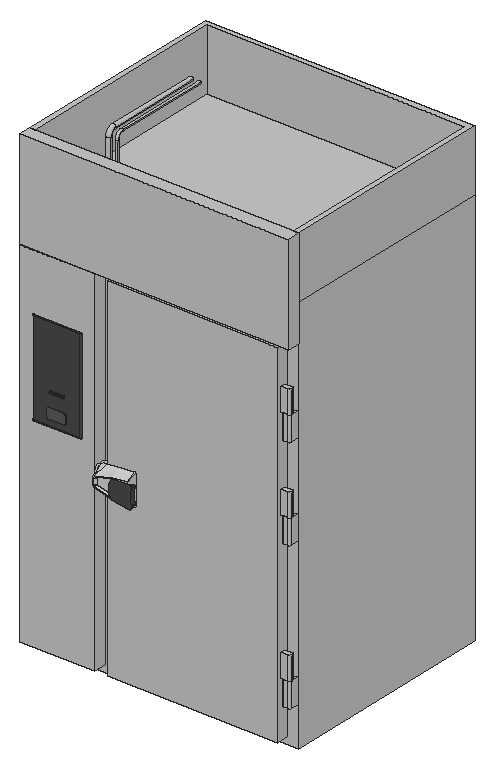
Revit family "QF_ALPENINOX_729260_ABFA22RDE", category Specialty Equipment, Revit 2018
Family settings
  Round Connector Dimension = Use Radius
  Part Type = Normal
  Work Plane-Based = No
  Always vertical = Yes
  Cut with Voids When Loaded = No
  Shared = Yes
  Room Calculation Point = No
Parameters (values of type "QF_ALPENINOX_729260_ABFA22RDE.rfa")
  Weight = 438.00 kg
  Watts = 209.032 W
  Volts = 380 V
  URL Manufacturer = "http://www.alpeninox.com"
  URL = "http://www.alpeninox.com"
  Steam Supply Size = 0"
  Steam Supply Minimum Pressure = 0.00 psi
  Steam Supply Maximum Pressure = 0.00 psi
  Steam Pounds per Hour = 0
  Show Logo [instance] = yes
  Refrigeration Suction Line Size = 0.03937"
  Refrigeration Liquid Line Size = 0.07218"
  Refrigerant Compressor Remote = yes
  Phase = 3
  Model = "ABFA22RDE"
  Manufacturer = "Alpeninox"
  Length Actual = 1400 mm  # constant formula
  Item Number = "729260"
  Hot Water Size = 0"
  Height Actual = 2400 mm  # constant formula
  HP = "3 HP"
  Gas Size = 0"
  Gas KW = 0
  Gas Input Pressure = 0.0 Btu/h
  Description = "CRIO CHILL BLAST CHILLER FREEZER 200/170KG 20 GN 2/1 - DISASSEMBLED - REMOTE REFRIGERATING UNIT"
  Depth Actual = 1266 mm  # constant formula
  Cycle = 60 Hz
  Condensate Return Size = 0"
  Compressed Air Volume = 0 GPM
  Compressed Air Size = 0"
  Compressed Air Pressure = 0.00 psi
  Cold Water Size = 0"
  Assembly Code = ""
  Show Clearance [instance] = yes
  Accessory = yes
Values of the unnamed type that differ from the named types
  Watts = 0 W
  Volts = 0 V
  URL Manufacturer = ""
  Item Number = ""
  HP = ""
  Cycle = 0 Hz
Reference planes
  plane 1 "BACK": y = 1
  plane 2: z = 0
  plane 3 "LEFT": x = 0
  plane 4 "RIGHT": x = 1400
  plane 5 "FRONT": y = -1205
  plane 6 "TOP": z = 2400
  plane 7 "Center Y": x = 700
  plane 8: y = -2155
  plane 9: y = -602
Forms (mm)
  Extrusion 1, solid, material "QF_Clearance", visible <- "Show Clearance", detail levels coarse
    sketch origin (0, 0, -70) x (1, 0, 0) y (0, 1, 0)
      loop
        line (0, -1205) -> (0, 1) -> (1400, 1) -> (1400, -1205) -> (1500, -1205) -> (1500, 101) -> (-100, 101) -> (-100, -1205) -> (0, -1205)
    from 70 to 2670
  Extrusion 2, solid, material "QF_Finishes_Stainless Steel"
    sketch origin (349.253, 33, 630.991) x (-1, 0, 0) y (0, -1, 0)
      loop
        line (349.253, 1172.759) -> (349.253, 1238) -> (-39.747, 1238) -> (-39.747, 1172.759) -> (349.253, 1172.759)
    from -597 to 1254
  Extrusion 3, solid, material "QF_Finishes_Stainless Steel"
    sketch origin (596.16, 27.971, -70) x (1, 0, 0) y (0, 1, 0)
      loop
        line (743.84, -1172.971) -> (-141.16, -1172.971) -> (-141.16, -1232.971) -> (743.84, -1232.971) -> (743.84, -1172.971)
    from 103.991 to 1945.25
  Extrusion 4, solid, material "QF_Door-Drawer Clearances", visible <- "Show Clearance", detail levels coarse
    sketch origin (875, -72.029, -91.802) x (-1, 0, 0) y (0, -1, 0)
      loop
        line (-465, 2025.971) -> (-465, 1132.971) -> (420, 1132.971)
        arc (420, 1132.971) -> (153.836, 1754.227) -> (-465, 2025.971) r 920
    from 125.793 to 1967.052
  Extrusion 5, solid, material "QF_Finishes_Stainless Steel"
    sketch origin (0, -1139.759, 0) x (0, 1, 0) y (-1, 0, 0)
      loop
        line (1140.759, 0) -> (0.759, 0) -> (0.759, -1400) -> (1140.759, -1400) -> (1140.759, 0)
    from 0 to 2080
  Extrusion 6, solid, material "QF_Finishes_Stainless Steel"
    sketch origin (0, 0, -70) x (0, 1, 0) y (0, 0, 1)
      loop
        line (-1139, 2470) -> (-1205, 2470) -> (-1205, 1956) -> (-1139, 1956) -> (-1139, 2470)
    from 0 to 1400
  Extrusion 7, solid, material "QF_Finishes_Stainless Steel"
    sketch origin (0, -1139.759, 2080) x (0, 1, 0) y (-1, 0, 0)
      loop
        line (1140.759, 0) -> (0.759, 0) -> (0.759, -27.807) -> (1112.952, -27.807) -> (1112.952, -1372.193) -> (0.759, -1372.193) -> (0.759, -1400) -> (1140.759, -1400) -> (1140.759, 0)
    from 0 to 320
  Extrusion 8, solid, material "QF_Clearance", visible <- "Show Clearance", detail levels coarse
    sketch origin (0, 0, 2400) x (-1, 0, 0) y (0, -1, 0)
      loop
        line (0, 1205) -> (-1400, 1205) -> (-1400, -1) -> (0, -1) -> (0, 1205)
    from 0 to 200
  Extrusion 9, solid, material "QF_Finishes_Stainless Steel"
    sketch origin (-390.239, -0.977, 1172.559) x (1, 0, 0) y (0, 1, 0)
      loop
        line (1730.239, -1159.557) -> (1730.239, -1186.759) -> (1771.078, -1186.759)
        arc (1771.078, -1186.759) -> (1778.149, -1183.83) -> (1781.078, -1176.759) r 10
        line (1781.078, -1176.759) -> (1781.078, -1169.557)
        arc (1781.078, -1169.557) -> (1778.149, -1162.486) -> (1771.078, -1159.557) r 10
        line (1771.078, -1159.557) -> (1730.239, -1159.557)
    from 398 to 516
  Extrusion 10, solid, material "QF_Finishes_Stainless Steel"
    sketch origin (-388.989, -0.977, 1172.559) x (1, 0, 0) y (0, 1, 0)
      loop
        line (1779.828, -1138.023) -> (1738.215, -1138.023) -> (1738.215, -1176.759)
        arc (1738.215, -1176.759) -> (1741.143, -1183.83) -> (1748.215, -1186.759) r 10
        line (1748.215, -1186.759) -> (1769.828, -1186.759)
        arc (1769.828, -1186.759) -> (1776.899, -1183.83) -> (1779.828, -1176.759) r 10
        line (1779.828, -1176.759) -> (1779.828, -1138.023)
    from 269 to 396
  Extrusion 11, solid, material "QF_Finishes_Handrails and Railings"
    sketch origin (0, -1205, -139.705) x (-1, 0, 0) y (0, 0, 1)
      loop
        arc (-455, 1022.346) -> (-433.392, 1027.289) -> (-413, 1035.976) r 124.815
        arc (-413, 1035.976) -> (-402.037, 1046.425) -> (-398, 1061.023) r 28.412
        line (-398, 1061.023) -> (-398, 1124.287)
        arc (-398, 1124.287) -> (-402.037, 1138.885) -> (-413, 1149.334) r 28.412
        arc (-413, 1149.334) -> (-433.392, 1158.021) -> (-455, 1162.964) r 124.815
        line (-455, 1162.964) -> (-455, 1022.346)
    from 0 to 25
  Extrusion 12, solid, material "QF_Finishes_Stainless Steel"
    sketch origin (0, 1, -70) x (1, 0, 0) y (0, 0, 1)
      loop
        circle (50.191, 2279.706) r 10
    from -2 to 0
  Extrusion 13, solid
    sketch origin (0, 0, -70) x (1, 0, 0) y (0, 1, 0)
      loop
        circle (271, -895) r 12.7
    from 180 to 190
  Sweep 14, solid, material "QF_Finishes_Stainless Steel"
    path in 3D
      loop
        line (196, -872.727, 2090) -> (196, -872.727, 2314.785)
        arc (196, -872.727, 2314.785) -> (196, -863.94, 2335.999) -> (196, -842.727, 2344.785) r 30
        line (196, -842.727, 2344.785) -> (196, -337, 2344.785)
    profile origin (196, -589.864, 2344.785) x (-1, 0, 0) y (0, 0, 1)
      loop
        circle (0, -0.785) r 11
  Sweep 15, solid, material "QF_Finishes_Stainless Steel"
    path in 3D
      loop
        line (239, -337, 2344) -> (239, -842.727, 2344)
        arc (239, -842.727, 2344) -> (239, -863.94, 2335.213) -> (239, -872.727, 2314) r 30
        line (239, -872.727, 2314) -> (239, -872.727, 2090)
    profile origin (239, -589.864, 2344) x (1, 0, 0) y (0, 0, 1)
      loop
        circle (0, 0) r 6
  Extrusion 16, solid, material "QF_Finishes_Stainless Steel"
    sketch origin (0, -1139.759, 2080) x (0, 1, 0) y (-1, 0, 0)
      loop
        line (272.791, -163.68) -> (262.791, -163.68)
        arc (262.791, -163.68) -> (252.185, -168.074) -> (247.791, -178.68) r 15
        line (247.791, -178.68) -> (247.791, -270.358)
        arc (247.791, -270.358) -> (252.185, -280.965) -> (262.791, -285.358) r 15
        line (262.791, -285.358) -> (272.791, -285.358)
        arc (272.791, -285.358) -> (283.398, -280.965) -> (287.791, -270.358) r 15
        line (287.791, -270.358) -> (287.791, -178.68)
        arc (287.791, -178.68) -> (283.398, -168.074) -> (272.791, -163.68) r 15
    from 0 to 10
  Blend 17, solid, material "QF_Finishes_Handrails and Railings"
    base sketch origin (0, -1205, -139.705) x (1, 0, 0) y (0, 0, 1)
      loop
        arc (455, 1162.964) -> (433.392, 1158.021) -> (413, 1149.334) r 124.815
        arc (413, 1149.334) -> (402.037, 1138.885) -> (398, 1124.287) r 28.412
        line (398, 1124.287) -> (398, 1061.023)
        arc (398, 1061.023) -> (402.037, 1046.425) -> (413, 1035.976) r 28.412
        arc (413, 1035.976) -> (433.392, 1027.289) -> (455, 1022.346) r 124.815
        arc (455, 1022.346) -> (524.77, 1014.896) -> (594.859, 1011.587) r 1185.63
        arc (594.859, 1011.587) -> (600.607, 1013.879) -> (603, 1019.586) r 8
        line (603, 1019.586) -> (603, 1165.724)
        arc (603, 1165.724) -> (600.607, 1171.431) -> (594.859, 1173.723) r 8
        arc (594.859, 1173.723) -> (524.77, 1170.414) -> (455, 1162.964) r 1185.63
    top sketch origin (0, -1205, -139.705) x (1, 0, 0) y (0, 0, 1)
      loop
        line (421, 1108.337) -> (421, 1076.973)
        arc (421, 1076.973) -> (423.295, 1069.915) -> (429.302, 1065.557) r 12
        arc (429.302, 1065.557) -> (515.086, 1044.22) -> (603, 1034.974) r 636.459
        line (603, 1034.974) -> (603, 1150.336)
        arc (603, 1150.336) -> (515.086, 1141.09) -> (429.302, 1119.753) r 636.459
        arc (429.302, 1119.753) -> (423.295, 1115.395) -> (421, 1108.337) r 12
    from 0 to 50
  Blend 18, void
    base sketch origin (0, -1255, -139.705) x (-1, 0, 0) y (0, 0, 1)
      loop
        arc (-430.843, 1114.996) -> (-515.866, 1136.151) -> (-603, 1145.333) r 631.459
        line (-603, 1145.333) -> (-603, 1039.977)
        arc (-603, 1039.977) -> (-515.866, 1049.159) -> (-430.843, 1070.314) r 631.459
        arc (-430.843, 1070.314) -> (-427.339, 1072.856) -> (-426, 1076.973) r 7
        line (-426, 1076.973) -> (-426, 1108.337)
        arc (-426, 1108.337) -> (-427.339, 1112.454) -> (-430.843, 1114.996) r 7
    top sketch origin (0, -1255, -139.705) x (-1, 0, 0) y (0, 0, 1)
      loop
        arc (-432.384, 1110.24) -> (-516.647, 1131.211) -> (-603, 1140.33) r 626.459
        line (-603, 1140.33) -> (-603, 1044.98)
        arc (-603, 1044.98) -> (-516.647, 1054.099) -> (-432.384, 1075.07) r 626.459
        arc (-432.384, 1075.07) -> (-431.382, 1075.797) -> (-431, 1076.973) r 2
        line (-431, 1076.973) -> (-431, 1108.337)
        arc (-431, 1108.337) -> (-431.382, 1109.513) -> (-432.384, 1110.24) r 2
    from 0 to 10
  Blend 19, solid, material "QF_Finishes_Black"
    base sketch origin (0, -1245, -139.705) x (1, 0, 0) y (0, 0, 1)
      loop
        arc (628.567, 1043.419) -> (622.014, 1092.655) -> (628.567, 1141.89) r 188.232
        arc (628.567, 1141.89) -> (627.358, 1147.991) -> (621.77, 1150.721) r 7
        arc (621.77, 1150.721) -> (572.304, 1148.509) -> (523.16, 1142.458) r 636.459
        arc (523.16, 1142.458) -> (507.711, 1092.655) -> (523.16, 1042.852) r 88
        arc (523.16, 1042.852) -> (572.304, 1036.801) -> (621.77, 1034.589) r 636.459
        arc (621.77, 1034.589) -> (627.358, 1037.319) -> (628.567, 1043.419) r 7
    top sketch origin (0, -1245, -139.705) x (1, 0, 0) y (0, 0, 1)
      loop
        arc (626.748, 1050.703) -> (622.014, 1092.655) -> (626.748, 1134.607) r 188.232
        arc (626.748, 1134.607) -> (625.775, 1138.85) -> (621.845, 1140.722) r 5
        arc (621.845, 1140.722) -> (569.023, 1138.185) -> (516.603, 1131.203) r 626.459
        arc (516.603, 1131.203) -> (507.711, 1092.655) -> (516.603, 1054.107) r 88
        arc (516.603, 1054.107) -> (569.023, 1047.124) -> (621.845, 1044.588) r 626.459
        arc (621.845, 1044.588) -> (625.775, 1046.46) -> (626.748, 1050.703) r 5
    from 20 to 0
  Extrusion 20, solid, material "QF_Finishes_Stainless Steel"
    sketch origin (-390.239, -0.977, 692.559) x (1, 0, 0) y (0, 1, 0)
      loop
        line (1730.239, -1159.557) -> (1730.239, -1186.759) -> (1771.078, -1186.759)
        arc (1771.078, -1186.759) -> (1778.149, -1183.83) -> (1781.078, -1176.759) r 10
        line (1781.078, -1176.759) -> (1781.078, -1169.557)
        arc (1781.078, -1169.557) -> (1778.149, -1162.486) -> (1771.078, -1159.557) r 10
        line (1771.078, -1159.557) -> (1730.239, -1159.557)
    from 398 to 516
  Extrusion 21, solid, material "QF_Finishes_Stainless Steel"
    sketch origin (-388.989, -0.977, 692.559) x (1, 0, 0) y (0, 1, 0)
      loop
        line (1779.828, -1138.023) -> (1738.215, -1138.023) -> (1738.215, -1176.759)
        arc (1738.215, -1176.759) -> (1741.143, -1183.83) -> (1748.215, -1186.759) r 10
        line (1748.215, -1186.759) -> (1769.828, -1186.759)
        arc (1769.828, -1186.759) -> (1776.899, -1183.83) -> (1779.828, -1176.759) r 10
        line (1779.828, -1176.759) -> (1779.828, -1138.023)
    from 269 to 396
  Extrusion 22, solid, material "QF_Finishes_Stainless Steel"
    sketch origin (-390.239, -0.977, -67.441) x (1, 0, 0) y (0, 1, 0)
      loop
        line (1730.239, -1159.557) -> (1730.239, -1186.759) -> (1771.078, -1186.759)
        arc (1771.078, -1186.759) -> (1778.149, -1183.83) -> (1781.078, -1176.759) r 10
        line (1781.078, -1176.759) -> (1781.078, -1169.557)
        arc (1781.078, -1169.557) -> (1778.149, -1162.486) -> (1771.078, -1159.557) r 10
        line (1771.078, -1159.557) -> (1730.239, -1159.557)
    from 398 to 516
  Extrusion 23, solid, material "QF_Finishes_Stainless Steel"
    sketch origin (-388.989, -0.977, -67.441) x (1, 0, 0) y (0, 1, 0)
      loop
        line (1779.828, -1138.023) -> (1738.215, -1138.023) -> (1738.215, -1176.759)
        arc (1738.215, -1176.759) -> (1741.143, -1183.83) -> (1748.215, -1186.759) r 10
        line (1748.215, -1186.759) -> (1769.828, -1186.759)
        arc (1769.828, -1186.759) -> (1776.899, -1183.83) -> (1779.828, -1176.759) r 10
        line (1779.828, -1176.759) -> (1779.828, -1138.023)
    from 269 to 396
  Extrusion 24, solid, material "QF_Door-Drawer Clearances", visible <- "Show Clearance", detail levels coarse
    sketch origin (167.029, -1956.84, -70) x (0, 1, 0) y (-1, 0, 0)
      loop
        line (751.84, -1172.971) -> (-141.16, -1172.971) -> (-141.16, -1232.971) -> (751.84, -1232.971) -> (751.84, -1172.971)
    from 103.991 to 1945.25
  Extrusion 25, solid, material "QF_Door-Drawer Clearances", visible <- "Show Clearance", detail levels coarse
    sketch origin (1400, -2553, -139.705) x (0, -1, 0) y (0, 0, 1)
      loop
        arc (-455, 1022.346) -> (-433.392, 1027.289) -> (-413, 1035.976) r 124.815
        arc (-413, 1035.976) -> (-402.037, 1046.425) -> (-398, 1061.023) r 28.412
        line (-398, 1061.023) -> (-398, 1124.287)
        arc (-398, 1124.287) -> (-402.037, 1138.885) -> (-413, 1149.334) r 28.412
        arc (-413, 1149.334) -> (-433.392, 1158.021) -> (-455, 1162.964) r 124.815
        line (-455, 1162.964) -> (-455, 1022.346)
    from 0 to 25
  Blend 26, solid, material "QF_Door-Drawer Clearances", visible <- "Show Clearance", detail levels coarse
    base sketch origin (1400, -2553, -139.705) x (0, 1, 0) y (0, 0, 1)
      loop
        arc (455, 1162.964) -> (433.392, 1158.021) -> (413, 1149.334) r 124.815
        arc (413, 1149.334) -> (402.037, 1138.885) -> (398, 1124.287) r 28.412
        line (398, 1124.287) -> (398, 1061.023)
        arc (398, 1061.023) -> (402.037, 1046.425) -> (413, 1035.976) r 28.412
        arc (413, 1035.976) -> (433.392, 1027.289) -> (455, 1022.346) r 124.815
        arc (455, 1022.346) -> (524.77, 1014.896) -> (594.859, 1011.587) r 1185.63
        arc (594.859, 1011.587) -> (600.607, 1013.879) -> (603, 1019.586) r 8
        line (603, 1019.586) -> (603, 1165.724)
        arc (603, 1165.724) -> (600.607, 1171.431) -> (594.859, 1173.723) r 8
        arc (594.859, 1173.723) -> (524.77, 1170.414) -> (455, 1162.964) r 1185.63
    top sketch origin (1400, -2553, -139.705) x (0, 1, 0) y (0, 0, 1)
      loop
        line (421, 1108.337) -> (421, 1076.973)
        arc (421, 1076.973) -> (423.295, 1069.915) -> (429.302, 1065.557) r 12
        arc (429.302, 1065.557) -> (515.086, 1044.22) -> (603, 1034.974) r 636.459
        line (603, 1034.974) -> (603, 1150.336)
        arc (603, 1150.336) -> (515.086, 1141.09) -> (429.302, 1119.753) r 636.459
        arc (429.302, 1119.753) -> (423.295, 1115.395) -> (421, 1108.337) r 12
    from 0 to 50
  Blend 27, void
    base sketch origin (1450, -2553, -139.705) x (0, -1, 0) y (0, 0, 1)
      loop
        arc (-430.843, 1114.996) -> (-515.866, 1136.151) -> (-603, 1145.333) r 631.459
        line (-603, 1145.333) -> (-603, 1039.977)
        arc (-603, 1039.977) -> (-515.866, 1049.159) -> (-430.843, 1070.314) r 631.459
        arc (-430.843, 1070.314) -> (-427.339, 1072.856) -> (-426, 1076.973) r 7
        line (-426, 1076.973) -> (-426, 1108.337)
        arc (-426, 1108.337) -> (-427.339, 1112.454) -> (-430.843, 1114.996) r 7
    top sketch origin (1450, -2553, -139.705) x (0, -1, 0) y (0, 0, 1)
      loop
        arc (-432.384, 1110.24) -> (-516.647, 1131.211) -> (-603, 1140.33) r 626.459
        line (-603, 1140.33) -> (-603, 1044.98)
        arc (-603, 1044.98) -> (-516.647, 1054.099) -> (-432.384, 1075.07) r 626.459
        arc (-432.384, 1075.07) -> (-431.382, 1075.797) -> (-431, 1076.973) r 2
        line (-431, 1076.973) -> (-431, 1108.337)
        arc (-431, 1108.337) -> (-431.382, 1109.513) -> (-432.384, 1110.24) r 2
    from 0 to 10
  Blend 28, solid, material "QF_Door-Drawer Clearances", visible <- "Show Clearance", detail levels coarse
    base sketch origin (1440, -2553, -139.705) x (0, 1, 0) y (0, 0, 1)
      loop
        arc (628.567, 1043.419) -> (622.014, 1092.655) -> (628.567, 1141.89) r 188.232
        arc (628.567, 1141.89) -> (627.358, 1147.991) -> (621.77, 1150.721) r 7
        arc (621.77, 1150.721) -> (572.304, 1148.509) -> (523.16, 1142.458) r 636.459
        arc (523.16, 1142.458) -> (507.711, 1092.655) -> (523.16, 1042.852) r 88
        arc (523.16, 1042.852) -> (572.304, 1036.801) -> (621.77, 1034.589) r 636.459
        arc (621.77, 1034.589) -> (627.358, 1037.319) -> (628.567, 1043.419) r 7
    top sketch origin (1440, -2553, -139.705) x (0, 1, 0) y (0, 0, 1)
      loop
        arc (626.748, 1050.703) -> (622.014, 1092.655) -> (626.748, 1134.607) r 188.232
        arc (626.748, 1134.607) -> (625.775, 1138.85) -> (621.845, 1140.722) r 5
        arc (621.845, 1140.722) -> (569.023, 1138.185) -> (516.603, 1131.203) r 626.459
        arc (516.603, 1131.203) -> (507.711, 1092.655) -> (516.603, 1054.107) r 88
        arc (516.603, 1054.107) -> (569.023, 1047.124) -> (621.845, 1044.588) r 626.459
        arc (621.845, 1044.588) -> (625.775, 1046.46) -> (626.748, 1050.703) r 5
    from 20 to -1
Cuts and joins
  Blend 18 cuts Blend 17
  joined: Extrusion 11, Blend 17
  Blend 18 cuts Extrusion 4
  Blend 27 cuts Blend 26
  Blend 27 cuts Blend 28
  joined: Extrusion 4, Extrusion 24, Extrusion 25, Blend 26, Blend 28
  joined: Extrusion 7, Extrusion 12
  joined: Extrusion 5, Extrusion 10, Sweep 14, Sweep 15, Extrusion 16, Extrusion 21, Extrusion 23
  joined: Extrusion 3, Extrusion 9, Extrusion 20, Extrusion 22
  joined: Extrusion 1, Extrusion 8
Lines and regions (mm)
  symbolic lines, style "QF-Clearances", visible <- "Show Clearance", detail levels coarse
    curve 1: line (-100, -1204.241, 70) -> (-100, 101, 70)
    curve 2: line (-100, 101, 70) -> (1500, 101, 70)
    curve 3: line (1500, 101, 70) -> (1500, -1204.241, 70)
  symbolic lines
    curve 4: line (185, -336.968, 70) -> (207, -336.968, 70)
    curve 5: line (207, -336.968, 70) -> (207, -871.942, 70)
    curve 6: line (233, -872.727, 70) -> (233, -337, 70)
    curve 7: line (233, -337, 70) -> (245, -337, 70)
    curve 8: line (245, -337, 70) -> (245, -872.727, 70)
    curve 9: line (245, -851.968, 70) -> (270.358, -851.968, 70)
    curve 10: arc (285.358, -866.968, 70) -> (280.965, -856.361, 70) -> (270.358, -851.968, 70) r 15
    curve 11: line (285.358, -876.968, 70) -> (285.358, -866.968, 70)
    curve 12: arc (270.358, -891.968, 70) -> (280.965, -887.575, 70) -> (285.358, -876.968, 70) r 15
    curve 13: line (178.68, -891.968, 70) -> (270.358, -891.968, 70)
    curve 14: arc (163.68, -876.968, 70) -> (168.074, -887.575, 70) -> (178.68, -891.968, 70) r 15
    curve 15: line (163.68, -866.968, 70) -> (163.68, -876.968, 70)
    curve 16: arc (178.68, -851.968, 70) -> (168.074, -856.361, 70) -> (163.68, -866.968, 70) r 15
    curve 17: arc (207, -871.942, 70) -> (196, -882.942, 70) -> (185, -871.942, 70) r 11
    curve 18: arc (233, -872.727, 70) -> (239, -878.727, 70) -> (245, -872.727, 70) r 6
    curve 19: line (178.68, -851.968, 70) -> (185, -851.968, 70)
    curve 20: line (185, -336.968, 70) -> (185, -871.942, 70)
    curve 21: line (207, -851.968, 70) -> (233, -851.968, 70)
    curve 22: line (0, 1, 70) -> (1400, 1, 70)
    curve 23: line (0, -1205, 70) -> (0, 1, 70)
    curve 24: line (1400, -1205, 70) -> (0, -1205, 70)
    curve 25: line (1400, 1, 70) -> (1400, -1205, 70)
    curve 26: line (27.807, -26.807, 70) -> (1372.193, -26.807, 70)
    curve 27: line (27.807, -1139, 70) -> (27.807, -26.807, 70)
    curve 28: line (1400, -1139, 70) -> (0, -1139, 70)
    curve 29: line (1372.193, -26.807, 70) -> (1372.193, -1139, 70)
    curve 30: line (75.5, -1210, 70) -> (313.5, -1210, 70)
    curve 31: line (75.5, -1210, 70) -> (67.5, -1205, 70)
    curve 32: line (313.5, -1210, 70) -> (321.5, -1205, 70)
    curve 33: line (421, -1255, 70) -> (398, -1205, 70)
    curve 34: line (421, -1255, 70) -> (603, -1255, 70)
    curve 35: line (603, -1255, 70) -> (603, -1205, 70)
    curve 36: line (603, -1245, 70) -> (626.748, -1245, 70)
    curve 37: line (626.748, -1245, 70) -> (628.811, -1265, 70)
    curve 38: line (628.811, -1265, 70) -> (507.711, -1265, 70)
    curve 39: line (507.711, -1265, 70) -> (507.711, -1255, 70)
  symbolic lines, style "QF_Door-Drawer Clearances", visible <- "Show Clearance"
    curve 40: line (1450, -2132, 70) -> (1400, -2155, 70)
    curve 41: line (1450, -2132, 70) -> (1450, -1950, 70)
    curve 42: line (1450, -1950, 70) -> (1400, -1950, 70)
    curve 43: line (1439, -1950, 70) -> (1439, -1926.126, 70)
    curve 44: line (1439, -1926.126, 70) -> (1460, -1924.189, 70)
    curve 45: line (1460, -1924.189, 70) -> (1460, -2045.289, 70)
    curve 46: line (1460, -2045.289, 70) -> (1450, -2045.289, 70)
    curve 47: line (1375, -2098, 70) -> (1375, -2155, 70)
    curve 48: line (1340, -2098, 70) -> (1400, -2098, 70)
    curve 49: arc (457.796, -1255, 70) -> (739.031, -1843.801, 70) -> (1340, -2098, 70) r 920
    curve 50: line (1400, -2155, 70) -> (1375, -2155, 70)
    curve 51: line (1400, -2098, 70) -> (1400, -1205, 70)
    curve 58: line (1340, -2098, 70) -> (1340, -1205, 70)
  sketch lines
    curve 52: line (196, -842.727, 2344.785) -> (196, -337, 2344.785)
    curve 53: arc (196, -872.727, 2314.785) -> (196, -863.94, 2335.999) -> (196, -842.727, 2344.785) r 30
    curve 54: line (196, -872.727, 2090) -> (196, -872.727, 2314.785)
    curve 55: line (239, -337, 2344) -> (239, -842.727, 2344)
    curve 56: arc (239, -842.727, 2344) -> (239, -863.94, 2335.213) -> (239, -872.727, 2314) r 30
    curve 57: line (239, -872.727, 2314) -> (239, -872.727, 2090)
Dimensions and locks
  plane 5 "FRONT" to plane 1 "BACK" = 1206 mm
  plane 6 "TOP" to level = 2400 mm
  plane 4 "RIGHT" to plane 3 "LEFT" = 1400 mm
  plane 3 "LEFT" to plane 4 "RIGHT" = 1400 mm
  equal spacing: plane 3 "LEFT", plane 7 "Center Y", plane 4 "RIGHT"
  plane 1 "BACK" to plane 5 "FRONT" = 1206 mm
  aligned and locked: level to plane 2
Automatic sketch dimensions
  plane 5 "FRONT" to Extrusion 1 sketch curve = 0 mm  (x2)
  Extrusion 1 sketch curve to plane 3 "LEFT" = 0 mm
  plane 1 "BACK" to Extrusion 1 sketch curve = 0 mm
  Extrusion 1 sketch curve to plane 4 "RIGHT" = 0 mm
  Extrusion 1 sketch curve to plane 3 "LEFT" = 100 mm
  plane 4 "RIGHT" to Extrusion 1 sketch curve = 100 mm
  Extrusion 1 sketch curve to plane 1 "BACK" = 100 mm
  plane 5 "FRONT" to Extrusion 2 sketch curve = 0 mm
  Extrusion 2 sketch curve to plane 3 "LEFT" = 0 mm
  Extrusion 2 sketch curve to plane 5 "FRONT" = 65.241 mm
  plane 5 "FRONT" to Extrusion 3 sketch curve = 0 mm
  Extrusion 3 sketch curve to plane 5 "FRONT" = 60 mm
  Extrusion 3 sketch curve to plane 4 "RIGHT" = 60 mm
  plane 5 "FRONT" to Extrusion 4 sketch curve = 0 mm
  Extrusion 4 sketch curve to plane 4 "RIGHT" = 25.377 mm
  Extrusion 4 sketch curve to Extrusion 4 sketch curve = 34.623 mm
  Extrusion 4 sketch curve to plane 5 "FRONT" = 26.348 mm
  Extrusion 5 sketch curve to plane 3 "LEFT" = 0 mm
  Extrusion 5 sketch curve to plane 4 "RIGHT" = 0 mm
  plane 1 "BACK" to Extrusion 5 sketch curve = 0 mm
  Extrusion 5 sketch curve to plane 5 "FRONT" = 66 mm
  Extrusion 6 sketch curve to plane 5 "FRONT" = 0 mm
  Extrusion 6 sketch curve to plane 5 "FRONT" = 66 mm
  Extrusion 6 sketch curve to plane 6 "TOP" = 514 mm
  plane 6 "TOP" to Extrusion 6 sketch curve = 0 mm
  Extrusion 5 to Extrusion 7 sketch curve = 0 mm
  Extrusion 7 sketch curve to Extrusion 5 = 0 mm  (x4)
  Extrusion 7 sketch curve to Extrusion 5 = 27.807 mm  (x3)
  Extrusion 8 sketch curve to plane 4 "RIGHT" = 0 mm
  plane 1 "BACK" to Extrusion 8 sketch curve = 0 mm
  Extrusion 8 sketch curve to plane 3 "LEFT" = 0 mm
  plane 5 "FRONT" to Extrusion 8 sketch curve = 0 mm
  Extrusion 9 sketch curve to plane 5 "FRONT" = 17.264 mm
  Extrusion 9 sketch curve to plane 4 "RIGHT" = 60 mm
  Extrusion 9 sketch curve to plane 4 "RIGHT" = 19.161 mm
  Extrusion 9 sketch curve to Extrusion 9 sketch curve = 0 mm
  Extrusion 9 sketch curve to plane 4 "RIGHT" = 9.161 mm
  Extrusion 9 sketch curve to Extrusion 9 sketch curve = 7.202 mm
  Extrusion 10 sketch curve to plane 5 "FRONT" = 27.264 mm
  Extrusion 10 sketch curve to plane 4 "RIGHT" = 50.775 mm
  Extrusion 10 sketch curve to Extrusion 10 sketch curve = 10 mm
  Extrusion 10 sketch curve to plane 4 "RIGHT" = 19.161 mm
  Extrusion 10 sketch curve to plane 4 "RIGHT" = 9.161 mm
  Extrusion 10 sketch curve to Extrusion 10 sketch curve = 38.736 mm
  plane 7 "Center Y" to Extrusion 11 sketch curve = 228.081 mm
  Extrusion 11 sketch curve to Extrusion 11 sketch curve = 0 mm
  Extrusion 11 sketch curve to Extrusion 11 sketch curve = 16.919 mm
  Extrusion 11 sketch curve to Extrusion 11 sketch curve = 28.588 mm  (x2)
  Extrusion 11 sketch curve to Extrusion 11 sketch curve = 28.412 mm
  level to Extrusion 11 sketch curve = 882.641 mm
  Extrusion 11 sketch curve to Extrusion 11 sketch curve = 16.954 mm  (x2)
  Extrusion 11 sketch curve to Extrusion 11 sketch curve = 38.676 mm
  Extrusion 11 sketch curve to Extrusion 11 sketch curve = 63.265 mm
  Extrusion 11 sketch curve to Extrusion 11 sketch curve = 21.722 mm
  plane 3 "LEFT" to Extrusion 12 sketch curve = 50.191 mm
  Extrusion 12 sketch curve to plane 6 "TOP" = 190.294 mm
  Extrusion 13 sketch curve to plane 9 = 293 mm
  Sweep 14 sketch curve to profile plane = 0 mm
  Sweep 14 sketch curve to profile plane = 0.785 mm
  profile plane to Sweep 15 sketch curve = 0 mm
  Sweep 15 sketch curve to profile plane = 0 mm
  Extrusion 16 sketch curve to Extrusion 5 = 247.032 mm
  Extrusion 16 sketch curve to Extrusion 16 sketch curve = 15 mm  (x3)
  Extrusion 16 sketch curve to Extrusion 16 sketch curve = 10 mm  (x2)
  Extrusion 16 sketch curve to Extrusion 5 = 285.358 mm
  Extrusion 16 sketch curve to Extrusion 16 sketch curve = 91.678 mm
  Blend 17 sketch curve to Extrusion 11 = 0 mm  (x4)
  Blend 17 sketch curve to Extrusion 11 = 28.412 mm
  Blend 17 sketch curve to Blend 17 sketch curve = 123.081 mm  (x2)
  Blend 17 sketch curve to Blend 17 sketch curve = 8 mm
  Extrusion 11 to Blend 17 sketch curve = 160.712 mm  (x2)
  Blend 17 sketch curve to Blend 17 sketch curve = 19.715 mm  (x2)
  Blend 17 sketch curve to Blend 17 sketch curve = 38.676 mm
  Blend 17 sketch curve to Extrusion 11 = 23 mm
  Blend 17 sketch curve to Blend 17 sketch curve = 12 mm  (x2)
  Extrusion 11 to Blend 17 sketch curve = 148 mm
  Extrusion 11 to Blend 17 sketch curve = 170.45 mm  (x2)
  Blend 17 sketch curve to Blend 17 sketch curve = 520.701 mm  (x2)
  Blend 17 sketch curve to Blend 17 sketch curve = 41.999 mm
  Blend 17 sketch curve to Blend 17 sketch curve = 31.364 mm
  Blend 17 sketch curve to Blend 17 sketch curve = 115.362 mm
  Blend 17 to Blend 18 sketch curve = 0 mm  (x2)
  Blend 18 sketch curve to Blend 18 sketch curve = 7 mm
  Blend 18 sketch curve to Blend 18 sketch curve = 31.364 mm  (x2)
  Blend 18 sketch curve to Blend 18 sketch curve = 2 mm
  Blend 18 to Blend 19 sketch curve = 18.811 mm  (x2)
  Blend 19 sketch curve to Blend 18 = 7.289 mm  (x2)
  Blend 19 sketch curve to Blend 19 sketch curve = 188.435 mm
  Blend 19 sketch curve to Blend 19 sketch curve = 7 mm  (x2)
  Blend 19 sketch curve to Blend 19 sketch curve = 51.066 mm  (x2)
  Blend 19 sketch curve to Blend 19 sketch curve = 0 mm  (x6)
  Blend 19 sketch curve to Blend 18 = 79.84 mm
  Blend 18 to Blend 19 sketch curve = 18.874 mm  (x2)
  Blend 19 sketch curve to Blend 19 sketch curve = 188.371 mm
  Blend 19 sketch curve to Blend 19 sketch curve = 5 mm  (x2)
  Blend 19 sketch curve to Blend 19 sketch curve = 43.067 mm  (x2)
  Blend 19 sketch curve to Blend 18 = 85.603 mm
  Extrusion 20 sketch curve to plane 5 "FRONT" = 17.264 mm
  Extrusion 20 sketch curve to plane 4 "RIGHT" = 60 mm
  Extrusion 20 sketch curve to plane 4 "RIGHT" = 19.161 mm
  Extrusion 20 sketch curve to Extrusion 20 sketch curve = 0 mm
  Extrusion 20 sketch curve to plane 4 "RIGHT" = 9.161 mm
  Extrusion 20 sketch curve to Extrusion 20 sketch curve = 7.202 mm
  Extrusion 21 sketch curve to plane 5 "FRONT" = 27.264 mm
  Extrusion 21 sketch curve to plane 4 "RIGHT" = 50.775 mm
  Extrusion 21 sketch curve to Extrusion 21 sketch curve = 10 mm
  Extrusion 21 sketch curve to plane 4 "RIGHT" = 19.161 mm
  Extrusion 21 sketch curve to plane 4 "RIGHT" = 9.161 mm
  Extrusion 21 sketch curve to Extrusion 21 sketch curve = 38.736 mm
  Extrusion 22 sketch curve to plane 5 "FRONT" = 17.264 mm
  Extrusion 22 sketch curve to plane 4 "RIGHT" = 60 mm
  Extrusion 22 sketch curve to plane 4 "RIGHT" = 19.161 mm
  Extrusion 22 sketch curve to Extrusion 22 sketch curve = 0 mm
  Extrusion 22 sketch curve to plane 4 "RIGHT" = 9.161 mm
  Extrusion 22 sketch curve to Extrusion 22 sketch curve = 7.202 mm
  Extrusion 23 sketch curve to plane 5 "FRONT" = 27.264 mm
  Extrusion 23 sketch curve to plane 4 "RIGHT" = 50.775 mm
  Extrusion 23 sketch curve to Extrusion 23 sketch curve = 10 mm
  Extrusion 23 sketch curve to plane 4 "RIGHT" = 19.161 mm
  Extrusion 23 sketch curve to plane 4 "RIGHT" = 9.161 mm
  Extrusion 23 sketch curve to Extrusion 23 sketch curve = 38.736 mm
  Extrusion 24 sketch curve to plane 4 "RIGHT" = 0 mm
  plane 5 "FRONT" to Extrusion 24 sketch curve = 0 mm
  Extrusion 24 sketch curve to plane 8 = 57 mm
  Extrusion 24 sketch curve to plane 4 "RIGHT" = 60 mm
  Extrusion 25 sketch curve to plane 8 = 0 mm
  Extrusion 25 sketch curve to Extrusion 25 sketch curve = 28.412 mm  (x2)
  Extrusion 25 sketch curve to Extrusion 25 sketch curve = 28.588 mm
  Extrusion 25 sketch curve to Extrusion 25 sketch curve = 16.919 mm  (x2)
  level to Extrusion 25 sketch curve = 882.641 mm
  Extrusion 25 sketch curve to Extrusion 25 sketch curve = 16.954 mm  (x2)
  Extrusion 25 sketch curve to Extrusion 25 sketch curve = 38.676 mm
  Extrusion 25 sketch curve to Extrusion 25 sketch curve = 63.265 mm
  Extrusion 25 sketch curve to Extrusion 25 sketch curve = 21.722 mm
  Blend 26 sketch curve to Extrusion 25 = 0 mm  (x4)
  Blend 26 sketch curve to Extrusion 25 = 28.412 mm
  Blend 26 sketch curve to Blend 26 sketch curve = 123.081 mm  (x2)
  Blend 26 sketch curve to Blend 26 sketch curve = 8 mm
  Extrusion 25 to Blend 26 sketch curve = 160.712 mm  (x2)
  Blend 26 sketch curve to Blend 26 sketch curve = 19.715 mm  (x2)
  Blend 26 sketch curve to Blend 26 sketch curve = 38.676 mm
  Blend 26 sketch curve to Extrusion 25 = 23 mm
  Blend 26 sketch curve to Blend 26 sketch curve = 12 mm  (x2)
  Extrusion 25 to Blend 26 sketch curve = 148 mm
  Extrusion 25 to Blend 26 sketch curve = 170.45 mm  (x2)
  Blend 26 sketch curve to Blend 26 sketch curve = 520.701 mm  (x2)
  Blend 26 sketch curve to Blend 26 sketch curve = 41.999 mm
  Blend 26 sketch curve to Blend 26 sketch curve = 31.364 mm
  Blend 26 sketch curve to Blend 26 sketch curve = 115.362 mm
  Blend 27 sketch curve to Blend 26 = 0 mm  (x2)
  Blend 27 sketch curve to Blend 27 sketch curve = 7 mm
  Blend 27 sketch curve to Blend 27 sketch curve = 31.364 mm  (x2)
  Blend 27 sketch curve to Blend 27 sketch curve = 2 mm
  Blend 27 to Blend 28 sketch curve = 18.811 mm  (x2)
  Blend 28 sketch curve to Blend 27 = 7.289 mm  (x2)
  Blend 28 sketch curve to Blend 28 sketch curve = 188.435 mm
  Blend 28 sketch curve to Blend 28 sketch curve = 7 mm  (x2)
  Blend 28 sketch curve to Blend 28 sketch curve = 51.066 mm  (x2)
  Blend 28 sketch curve to Blend 28 sketch curve = 0 mm  (x6)
  Blend 28 sketch curve to Blend 27 = 79.84 mm
  Blend 27 to Blend 28 sketch curve = 18.874 mm  (x2)
  Blend 28 sketch curve to Blend 28 sketch curve = 188.371 mm
  Blend 28 sketch curve to Blend 28 sketch curve = 5 mm  (x2)
  Blend 28 sketch curve to Blend 28 sketch curve = 43.067 mm  (x2)
  Blend 28 sketch curve to Blend 27 = 85.603 mm
  plane 7 "Center Y" to Extrusion 2 sketch curve = 311 mm
  plane 7 "Center Y" to Extrusion 3 sketch curve = 245 mm
  plane 7 "Center Y" to Extrusion 4 sketch curve = 245 mm
  plane 3 "LEFT" to Extrusion 13 sketch curve = 271 mm
  plane 8 to curve 47 = 0 mm
  curve 42 to plane 4 "RIGHT" = 0 mm
  plane 5 "FRONT" to curve 33 = 0 mm
  curve 28 to plane 3 "LEFT" = 0 mm
  plane 1 "BACK" to curve 22 = 0 mm
  curve 50 to plane 4 "RIGHT" = 0 mm
  curve 41 to plane 8 = 23 mm
  curve 48 to plane 8 = 57 mm
  curve 48 to curve 46 = 52.711 mm
  curve 46 to curve 41 = 95.289 mm
  plane 4 "RIGHT" to curve 44 = 39 mm
  curve 43 to curve 44 = 23.874 mm
  curve 43 to curve 45 = 1.937 mm
  plane 5 "FRONT" to curve 37 = 60 mm
  plane 5 "FRONT" to curve 34 = 50 mm
  curve 37 to curve 37 = 20 mm
  plane 5 "FRONT" to curve 30 = 5 mm
  curve 49 to plane 5 "FRONT" = 26.348 mm
  plane 3 "LEFT" to curve 13 = 178.68 mm
  curve 13 to plane 9 = 289.968 mm
  curve 13 to curve 14 = 15 mm
  curve 12 to curve 11 = 15 mm
  curve 12 to curve 18 = 4.241 mm
  curve 14 to curve 17 = 5.026 mm
  curve 14 to curve 15 = 10 mm
  curve 12 to curve 11 = 10 mm
  curve 10 to curve 9 = 15 mm
  curve 16 to curve 19 = 15 mm
  plane 9 to curve 7 = 265 mm
  curve 6 to curve 5 = 0.032 mm
  plane 1 "BACK" to curve 26 = 27.807 mm
  curve 2 to plane 1 "BACK" = 100 mm
  curve 42 to curve 43 = 11 mm
  curve 45 to curve 43 = 21 mm
  plane 4 "RIGHT" to curve 2 = 100 mm
  curve 40 to curve 47 = 25 mm
  curve 49 to plane 4 "RIGHT" = 25.377 mm
  curve 29 to plane 4 "RIGHT" = 27.807 mm
  curve 47 to curve 48 = 35 mm
  plane 7 "Center Y" to curve 37 = 71.189 mm
  curve 37 to curve 36 = 2.062 mm
  curve 36 to curve 34 = 23.748 mm
  curve 39 to curve 49 = 49.915 mm
  curve 49 to curve 33 = 36.796 mm
  curve 33 to curve 30 = 107.5 mm
  curve 11 to curve 16 = 106.678 mm
  curve 12 to curve 8 = 25.358 mm
  curve 8 to curve 18 = 6 mm
  curve 6 to curve 4 = 26 mm
  curve 5 to curve 17 = 11 mm
  plane 3 "LEFT" to curve 30 = 75.5 mm
  plane 3 "LEFT" to curve 27 = 27.807 mm
  curve 1 to plane 3 "LEFT" = 100 mm
  curve 3 to plane 5 "FRONT" = 0.759 mm
  curve 1 to plane 5 "FRONT" = 0.759 mm
  curve 49 to curve 29 = 39.652 mm
  curve 17 to curve 21 = 19.974 mm
  curve 33 to curve 33 = 23 mm
  curve 32 to curve 30 = 8 mm
  curve 30 to curve 31 = 8 mm
  radius of Extrusion 12 sketch curve = 10 mm
  radius of Extrusion 13 sketch curve = 12.7 mm
  radius of Sweep 14 sketch curve = 11 mm
  radius of Sweep 15 sketch curve = 6 mm
  radius of Blend 17 sketch curve to Extrusion 11 = 0 mm  (x3)
  radius of Blend 18 sketch curve to Blend 17 = 5 mm  (x3)
  radius of Blend 18 sketch curve to Blend 17 = 10 mm  (x3)
  radius of Blend 18 to Blend 19 sketch curve = 10 mm  (x2)
  radius of Blend 19 sketch curve to Blend 18 = 0 mm  (x2)
  radius of Blend 26 sketch curve to Extrusion 25 = 0 mm  (x3)
  radius of Blend 27 sketch curve to Blend 26 = 5 mm  (x3)
  radius of Blend 27 sketch curve to Blend 26 = 10 mm  (x3)
  radius of Blend 27 to Blend 28 sketch curve = 10 mm  (x2)
  radius of Blend 28 sketch curve to Blend 27 = 0 mm  (x2)
Nested families
  nested 1: "ALP_Touch" at (194.5, -1205, 1338.103) x (1, 0, 0) z (0, -1, 0), type "ALP_Touch"
  nested 2: "ALP_Logo_XS" at (194.5, -1210, 1257.103) x (1, 0, 0) z (0, -1, 0), visible <- "Show Logo", type "ALP_Logo_XS"
Connectors
  piping at (271, -895, 110), diameter 25.4
    settings: on Extrusion 13, index 5, connector inside diameter 24", connector length 0 mm, flow factor 0, pipe flow 0 GPM, pressure drop 0.00 psi, fitting loss kfactor 0, connector angle 0.00°, fixture units 0, engagement length 0 mm, angle of deflection 0.00°, flow configuration 1, flow direction 2, fitting loss method 0, system type 16, joint type 0, gender type 0, connector reference index -1, connector utility 0, adjustable connector no, is connector primary yes, connector description "Drain"
  electrical at (50.191, 3, 2209.706), driven by "Volts"
    settings: on Extrusion 12, index 6, voltage 380 V, apparent load 0 VA, apparent load phase1 0 VA, apparent load phase2 0 VA, apparent load phase3 0 VA, power factor 1, load classification "Altro", number of poles 1, system type 30, power factor state 1, is connector primary yes, connector utility no, sub classification motor no, connector description "Electrical Connection"
  piping at (239, -337, 2344), diameter 12
    settings: on Sweep 15, index 7, connector inside diameter 24", connector length 0 mm, flow factor 0, pipe flow 0 GPM, pressure drop 0.00 psi, fitting loss kfactor 0, connector angle 0.00°, fixture units 0, engagement length 0 mm, angle of deflection 0.00°, flow configuration 1, flow direction 1, fitting loss method 0, system type 8, joint type 0, gender type 0, connector reference index -1, connector utility 0, adjustable connector no, is connector primary no, connector description "Refrigerant Outlet"
  piping at (196, -337, 2344), diameter 22
    settings: on Sweep 14, index 8, connector inside diameter 24", connector length 0 mm, flow factor 0, pipe flow 0 GPM, pressure drop 0.00 psi, fitting loss kfactor 0, connector angle 0.00°, fixture units 0, engagement length 0 mm, angle of deflection 0.00°, flow configuration 1, flow direction 1, fitting loss method 0, system type 7, joint type 0, gender type 0, connector reference index -1, connector utility 0, adjustable connector no, is connector primary no, connector description "Refrigerant Inlet"
Definition of nested family "ALP_Touch"
  Parameters
    Default Elevation = 1219.2 mm
  Reference planes
    plane 1 "Centro (Fronte/Retro)": y = 0
    plane 2: z = 0
    plane 3 "Centro (Sinistra/Destra)": x = 0
    plane 4: y = -81
  Forms (mm)
    Extrusion 1, solid
      sketch origin (0, 0, 0) x (1, 0, 0) y (0, 1, 0)
        loop
          line (-1219.2, 1219.2) -> (-1219.2, -1219.2) -> (1219.2, -1219.2) -> (1219.2, 1219.2) -> (-1219.2, 1219.2)
      from 0 to -304.8
    Extrusion 2, solid
      sketch origin (0, 0, 5) x (1, 0, 0) y (0, 1, 0)
        loop
          line (-47, -160) -> (-47, -202)
          arc (-47, -202) -> (-45.536, -205.535) -> (-42, -207) r 5
          line (-42, -207) -> (42, -207)
          arc (42, -207) -> (45.536, -205.535) -> (47, -202) r 5
          line (47, -202) -> (47, -160)
          arc (47, -160) -> (45.536, -156.465) -> (42, -155) r 5
          line (42, -155) -> (-42, -155)
          arc (-42, -155) -> (-45.536, -156.465) -> (-47, -160) r 5
      from 0 to 2
    Blend 3, solid
      base sketch origin (0, 0, 0) x (1, 0, 0) y (0, 1, 0)
        loop
          line (-127, 244) -> (-127, -244)
          arc (-127, -244) -> (-125.536, -247.536) -> (-122, -249) r 5
          line (-122, -249) -> (122, -249)
          arc (122, -249) -> (125.536, -247.536) -> (127, -244) r 5
          line (127, -244) -> (127, 244)
          arc (127, 244) -> (125.536, 247.536) -> (122, 249) r 5
          line (122, 249) -> (-122, 249)
          arc (-122, 249) -> (-125.536, 247.536) -> (-127, 244) r 5
      top sketch origin (0, 0, 0) x (1, 0, 0) y (0, 1, 0)
        loop
          line (-119, -241) -> (119, -241) -> (119, 241) -> (-119, 241) -> (-119, -241)
      from 0 to 5
  Lines and regions (mm)
    Split face 1
      outline origin (0, 0, 5) x (1, 0, 0) y (0, 1, 0)
        loop
          line (-70.506, 46.167) -> (70.506, 46.167) -> (70.506, 214.829) -> (-70.506, 214.829) -> (-70.506, 46.167)
    Split face 2
      outline origin (0, 0, 5) x (1, 0, 0) y (0, 1, 0)
        loop
          line (-47.467, 50.825) -> (47.467, 50.825) -> (47.467, 210.171) -> (-47.467, 210.171) -> (-47.467, 50.825)
    Split face 3
      outline origin (0, 0, 5) x (1, 0, 0) y (0, 1, 0)
        loop
          line (-116, 241) -> (-116, -241)
        loop
          line (116, -241) -> (116, 241)
    Split face 4
      outline origin (0, 0, 5) x (1, 0, 0) y (0, 1, 0)
        loop
          line (52.506, -63) -> (-52.506, -63)
          arc (-52.506, -63) -> (-70.506, -81) -> (-52.506, -99) r 18
          line (-52.506, -99) -> (52.506, -99)
          arc (52.506, -99) -> (70.506, -81) -> (52.506, -63) r 18
    Split face 5
      outline origin (0, 0, 5) x (1, 0, 0) y (0, 1, 0)
        loop
          arc (-52.506, -66) -> (-67.506, -81) -> (-52.506, -96) r 15
          line (-52.506, -96) -> (52.506, -96)
          arc (52.506, -96) -> (67.506, -81) -> (52.506, -66) r 15
          line (52.506, -66) -> (-52.506, -66)
  Dimensions and locks
    aligned and locked: plane 2 to Extrusion 1
    aligned and locked: level to Extrusion 1
Definition of nested family "ALP_Logo_XS"
  Parameters
    Default Elevation = 0 mm
  Reference planes
    plane 1 "Centro (Fronte/Retro)": y = 0
    plane 2: z = 0
    plane 3 "Centro (Sinistra/Destra)": x = 0
  Forms (mm)
    Extrusion 1, solid
      sketch origin (0, 0, 0) x (1, 0, 0) y (0, 1, 0)
        loop
          line (-1219.2, 1219.2) -> (-1219.2, -1219.2) -> (1219.2, -1219.2) -> (1219.2, 1219.2) -> (-1219.2, 1219.2)
      from 0 to -304.8
    Extrusion 2, solid
      sketch origin (17.793, -46.218, 0) x (-1, 0, 0) y (0, -1, 0)
        loop
          arc (56.029, -42.55) -> (55.919, -41.581) -> (55.073, -41.095) r 1.08
          line (55.073, -41.095) -> (54.045, -41.845) -> (53.618, -43.159) -> (49.653, -43.159) -> (49.224, -41.83) -> (48.183, -41.095)
          arc (48.183, -41.095) -> (47.402, -41.616) -> (47.313, -42.55) r 1.094
          line (47.313, -42.55) -> (50.109, -50.245)
          spline (50.109, -50.245) -> (50.175, -50.41) -> (50.254, -50.567) -> (50.343, -50.714) -> (50.444, -50.85) -> (50.556, -50.974) -> (50.679, -51.085) -> (50.813, -51.182) -> (50.957, -51.264) -> (51.112, -51.329) -> (51.277, -51.377) -> (51.452, -51.407) -> (51.636, -51.417)
          spline (51.636, -51.417) -> (51.814, -51.407) -> (51.984, -51.375) -> (52.146, -51.325) -> (52.3, -51.258) -> (52.445, -51.174) -> (52.58, -51.075) -> (52.705, -50.962) -> (52.819, -50.837) -> (52.923, -50.702) -> (53.015, -50.557) -> (53.095, -50.405) -> (53.163, -50.245)
          line (53.163, -50.245) -> (56.029, -42.55)
        loop
          line (53.005, -45.11) -> (50.294, -45.11) -> (51.633, -49.253) -> (53.005, -45.11)
        loop
          spline (46.282, -42.339) -> (46.273, -42.168) -> (46.248, -42.008) -> (46.207, -41.86) -> (46.149, -41.725) -> (46.077, -41.602) -> (45.989, -41.494) -> (45.886, -41.401) -> (45.77, -41.323) -> (45.64, -41.261) -> (45.496, -41.216) -> (45.339, -41.189) -> (45.17, -41.179)
          line (45.17, -41.179) -> (41.605, -41.179)
          spline (41.605, -41.179) -> (41.453, -41.189) -> (41.312, -41.216) -> (41.183, -41.26) -> (41.065, -41.318) -> (40.959, -41.389) -> (40.866, -41.471) -> (40.784, -41.563) -> (40.716, -41.664) -> (40.661, -41.77) -> (40.619, -41.882) -> (40.591, -41.997) -> (40.577, -42.113)
          spline (40.577, -42.113) -> (40.581, -42.234) -> (40.598, -42.356) -> (40.63, -42.475) -> (40.676, -42.591) -> (40.737, -42.7) -> (40.813, -42.802) -> (40.904, -42.894) -> (41.012, -42.973) -> (41.135, -43.039) -> (41.275, -43.088) -> (41.431, -43.119) -> (41.605, -43.13)
          line (41.605, -43.13) -> (44.143, -43.13) -> (44.143, -50.23)
          spline (44.143, -50.23) -> (44.152, -50.4) -> (44.18, -50.557) -> (44.224, -50.701) -> (44.284, -50.83) -> (44.359, -50.946) -> (44.448, -51.047) -> (44.55, -51.133) -> (44.663, -51.204) -> (44.787, -51.26) -> (44.921, -51.301) -> (45.064, -51.325) -> (45.214, -51.333)
          spline (45.214, -51.333) -> (45.363, -51.325) -> (45.506, -51.301) -> (45.639, -51.26) -> (45.763, -51.204) -> (45.876, -51.133) -> (45.977, -51.047) -> (46.066, -50.946) -> (46.141, -50.83) -> (46.201, -50.701) -> (46.245, -50.557) -> (46.272, -50.4) -> (46.282, -50.23)
          line (46.282, -50.23) -> (46.282, -42.339)
        loop
          spline (39.662, -42.198) -> (39.653, -42.028) -> (39.625, -41.871) -> (39.581, -41.727) -> (39.521, -41.598) -> (39.446, -41.482) -> (39.357, -41.381) -> (39.255, -41.295) -> (39.142, -41.224) -> (39.018, -41.168) -> (38.884, -41.128) -> (38.742, -41.103) -> (38.593, -41.095)
          spline (38.593, -41.095) -> (38.443, -41.103) -> (38.3, -41.128) -> (38.167, -41.168) -> (38.043, -41.224) -> (37.93, -41.295) -> (37.829, -41.381) -> (37.74, -41.482) -> (37.665, -41.598) -> (37.605, -41.727) -> (37.561, -41.871) -> (37.534, -42.028) -> (37.524, -42.198)
          line (37.524, -42.198) -> (37.524, -44.517) -> (35.94, -44.517)
          spline (35.94, -44.517) -> (35.46, -44.544) -> (34.998, -44.622) -> (34.559, -44.75) -> (34.147, -44.927) -> (33.768, -45.15) -> (33.424, -45.418) -> (33.122, -45.73) -> (32.864, -46.082) -> (32.656, -46.474) -> (32.502, -46.904) -> (32.407, -47.369) -> (32.374, -47.87)
          spline (32.374, -47.87) -> (32.406, -48.361) -> (32.499, -48.822) -> (32.65, -49.25) -> (32.855, -49.644) -> (33.11, -50) -> (33.413, -50.317) -> (33.76, -50.592) -> (34.147, -50.822) -> (34.57, -51.005) -> (35.027, -51.139) -> (35.513, -51.221) -> (36.026, -51.249)
          line (36.026, -51.249) -> (38.548, -51.249)
          spline (38.548, -51.249) -> (38.72, -51.24) -> (38.879, -51.213) -> (39.023, -51.17) -> (39.154, -51.11) -> (39.271, -51.036) -> (39.373, -50.946) -> (39.46, -50.843) -> (39.532, -50.727) -> (39.588, -50.598) -> (39.629, -50.458) -> (39.654, -50.306) -> (39.662, -50.145)
          line (39.662, -50.145) -> (39.662, -42.198)
        loop
          line (37.524, -49.381) -> (37.524, -46.382) -> (36.065, -46.382)
          spline (36.065, -46.382) -> (35.848, -46.396) -> (35.645, -46.435) -> (35.458, -46.498) -> (35.287, -46.583) -> (35.132, -46.689) -> (34.996, -46.814) -> (34.878, -46.958) -> (34.78, -47.117) -> (34.702, -47.29) -> (34.645, -47.477) -> (34.61, -47.675) -> (34.599, -47.882)
          spline (34.599, -47.882) -> (34.61, -48.09) -> (34.645, -48.288) -> (34.702, -48.474) -> (34.78, -48.648) -> (34.878, -48.807) -> (34.996, -48.95) -> (35.132, -49.075) -> (35.287, -49.181) -> (35.458, -49.266) -> (35.645, -49.329) -> (35.848, -49.368) -> (36.065, -49.381)
          line (36.065, -49.381) -> (37.524, -49.381)
        loop
          spline (23.911, -45.178) -> (23.6, -45.189) -> (23.319, -45.221) -> (23.07, -45.274) -> (22.85, -45.346) -> (22.659, -45.437) -> (22.496, -45.545) -> (22.36, -45.67) -> (22.251, -45.81) -> (22.167, -45.965) -> (22.109, -46.133) -> (22.074, -46.314) -> (22.063, -46.506)
          spline (22.063, -46.506) -> (22.102, -47.066) -> (22.218, -47.632) -> (22.407, -48.193) -> (22.666, -48.74) -> (22.993, -49.263) -> (23.383, -49.749) -> (23.833, -50.189) -> (24.34, -50.573) -> (24.901, -50.89) -> (25.513, -51.129) -> (26.173, -51.281) -> (26.876, -51.333)
          spline (26.876, -51.333) -> (27.564, -51.284) -> (28.212, -51.14) -> (28.817, -50.909) -> (29.374, -50.599) -> (29.881, -50.217) -> (30.332, -49.772) -> (30.725, -49.271) -> (31.055, -48.721) -> (31.318, -48.131) -> (31.511, -47.508) -> (31.63, -46.859) -> (31.67, -46.193)
          spline (31.67, -46.193) -> (31.629, -45.477) -> (31.508, -44.798) -> (31.31, -44.16) -> (31.039, -43.568) -> (30.698, -43.027) -> (30.291, -42.543) -> (29.821, -42.119) -> (29.292, -41.762) -> (28.707, -41.475) -> (28.07, -41.265) -> (27.385, -41.135) -> (26.653, -41.09)
          spline (26.653, -41.09) -> (26.149, -41.112) -> (25.639, -41.177) -> (25.132, -41.281) -> (24.637, -41.419) -> (24.165, -41.589) -> (23.724, -41.786) -> (23.325, -42.006) -> (22.977, -42.247) -> (22.689, -42.505) -> (22.472, -42.775) -> (22.335, -43.053) -> (22.287, -43.337)
          spline (22.287, -43.337) -> (22.293, -43.479) -> (22.313, -43.618) -> (22.346, -43.753) -> (22.392, -43.881) -> (22.451, -44) -> (22.521, -44.11) -> (22.604, -44.208) -> (22.698, -44.292) -> (22.804, -44.36) -> (22.921, -44.412) -> (23.05, -44.444) -> (23.188, -44.456)
          spline (23.188, -44.456) -> (23.413, -44.429) -> (23.628, -44.352) -> (23.84, -44.236) -> (24.057, -44.091) -> (24.285, -43.927) -> (24.531, -43.753) -> (24.801, -43.58) -> (25.102, -43.417) -> (25.441, -43.275) -> (25.824, -43.165) -> (26.258, -43.095) -> (26.75, -43.076)
          spline (26.75, -43.076) -> (27.057, -43.097) -> (27.356, -43.149) -> (27.643, -43.23) -> (27.916, -43.341) -> (28.172, -43.479) -> (28.409, -43.645) -> (28.624, -43.837) -> (28.815, -44.056) -> (28.978, -44.3) -> (29.111, -44.569) -> (29.211, -44.862) -> (29.276, -45.178)
          line (29.276, -45.178) -> (23.911, -45.178)
        loop
          line (29.332, -47.164) -> (24.402, -47.164)
          spline (24.402, -47.164) -> (24.458, -47.453) -> (24.55, -47.736) -> (24.676, -48.011) -> (24.833, -48.274) -> (25.018, -48.52) -> (25.228, -48.746) -> (25.461, -48.947) -> (25.715, -49.121) -> (25.985, -49.263) -> (26.271, -49.369) -> (26.569, -49.435) -> (26.876, -49.458)
          spline (26.876, -49.458) -> (27.172, -49.434) -> (27.462, -49.366) -> (27.743, -49.257) -> (28.013, -49.112) -> (28.266, -48.936) -> (28.501, -48.731) -> (28.714, -48.504) -> (28.902, -48.257) -> (29.061, -47.995) -> (29.188, -47.723) -> (29.279, -47.444) -> (29.332, -47.164)
        loop
          spline (20.938, -42.198) -> (20.929, -42.028) -> (20.901, -41.871) -> (20.857, -41.727) -> (20.796, -41.597) -> (20.721, -41.482) -> (20.632, -41.381) -> (20.53, -41.295) -> (20.416, -41.224) -> (20.292, -41.168) -> (20.158, -41.127) -> (20.016, -41.103) -> (19.866, -41.095)
          spline (19.866, -41.095) -> (19.716, -41.103) -> (19.574, -41.127) -> (19.441, -41.168) -> (19.317, -41.224) -> (19.204, -41.295) -> (19.102, -41.381) -> (19.013, -41.482) -> (18.938, -41.597) -> (18.878, -41.727) -> (18.834, -41.871) -> (18.806, -42.028) -> (18.797, -42.198)
          line (18.797, -42.198) -> (18.797, -47.511) -> (14.246, -41.561) -> (13.347, -41.095)
          spline (13.347, -41.095) -> (13.197, -41.103) -> (13.055, -41.127) -> (12.921, -41.168) -> (12.797, -41.224) -> (12.684, -41.295) -> (12.582, -41.381) -> (12.494, -41.482) -> (12.418, -41.597) -> (12.358, -41.727) -> (12.314, -41.871) -> (12.287, -42.028) -> (12.277, -42.198)
          line (12.277, -42.198) -> (12.277, -50.23)
          spline (12.277, -50.23) -> (12.287, -50.4) -> (12.314, -50.557) -> (12.358, -50.701) -> (12.418, -50.83) -> (12.494, -50.946) -> (12.582, -51.047) -> (12.684, -51.133) -> (12.797, -51.204) -> (12.921, -51.26) -> (13.055, -51.301) -> (13.197, -51.325) -> (13.347, -51.333)
          spline (13.347, -51.333) -> (13.497, -51.325) -> (13.639, -51.301) -> (13.773, -51.26) -> (13.897, -51.204) -> (14.011, -51.133) -> (14.113, -51.047) -> (14.202, -50.946) -> (14.277, -50.83) -> (14.337, -50.701) -> (14.381, -50.557) -> (14.408, -50.4) -> (14.418, -50.23)
          line (14.418, -50.23) -> (14.418, -44.847) -> (18.968, -50.865) -> (19.866, -51.333)
          spline (19.866, -51.333) -> (20.016, -51.325) -> (20.158, -51.301) -> (20.292, -51.26) -> (20.416, -51.204) -> (20.53, -51.133) -> (20.632, -51.047) -> (20.721, -50.946) -> (20.796, -50.83) -> (20.857, -50.701) -> (20.901, -50.557) -> (20.929, -50.4) -> (20.938, -50.23)
          line (20.938, -50.23) -> (20.938, -42.198)
        loop
          spline (10.94, -42.198) -> (10.93, -42.028) -> (10.903, -41.871) -> (10.859, -41.727) -> (10.799, -41.597) -> (10.724, -41.482) -> (10.635, -41.381) -> (10.533, -41.295) -> (10.42, -41.224) -> (10.296, -41.168) -> (10.162, -41.127) -> (10.019, -41.103) -> (9.869, -41.095)
          spline (9.869, -41.095) -> (9.719, -41.103) -> (9.577, -41.127) -> (9.443, -41.168) -> (9.319, -41.224) -> (9.206, -41.295) -> (9.105, -41.381) -> (9.016, -41.482) -> (8.941, -41.597) -> (8.881, -41.727) -> (8.837, -41.871) -> (8.81, -42.028) -> (8.8, -42.198)
          line (8.8, -42.198) -> (8.8, -50.23)
          spline (8.8, -50.23) -> (8.81, -50.4) -> (8.837, -50.557) -> (8.881, -50.701) -> (8.941, -50.83) -> (9.016, -50.946) -> (9.105, -51.047) -> (9.206, -51.133) -> (9.319, -51.204) -> (9.443, -51.26) -> (9.577, -51.301) -> (9.719, -51.325) -> (9.869, -51.333)
          spline (9.869, -51.333) -> (10.019, -51.325) -> (10.162, -51.301) -> (10.296, -51.26) -> (10.42, -51.204) -> (10.533, -51.133) -> (10.635, -51.047) -> (10.724, -50.946) -> (10.799, -50.83) -> (10.859, -50.701) -> (10.903, -50.557) -> (10.93, -50.4) -> (10.94, -50.23)
          line (10.94, -50.23) -> (10.94, -42.198)
        loop
          spline (7.462, -42.198) -> (7.452, -42.028) -> (7.425, -41.871) -> (7.381, -41.727) -> (7.321, -41.597) -> (7.246, -41.482) -> (7.157, -41.381) -> (7.055, -41.295) -> (6.942, -41.224) -> (6.818, -41.168) -> (6.685, -41.127) -> (6.542, -41.103) -> (6.393, -41.095)
          spline (6.393, -41.095) -> (6.243, -41.103) -> (6.1, -41.127) -> (5.966, -41.168) -> (5.842, -41.224) -> (5.729, -41.295) -> (5.627, -41.381) -> (5.538, -41.482) -> (5.463, -41.597) -> (5.402, -41.727) -> (5.358, -41.871) -> (5.331, -42.028) -> (5.321, -42.198)
          line (5.321, -42.198) -> (5.321, -47.511) -> (0.771, -41.561) -> (-0.128, -41.095)
          spline (-0.128, -41.095) -> (-0.278, -41.103) -> (-0.42, -41.127) -> (-0.554, -41.168) -> (-0.678, -41.224) -> (-0.791, -41.295) -> (-0.893, -41.381) -> (-0.982, -41.482) -> (-1.057, -41.597) -> (-1.117, -41.727) -> (-1.162, -41.871) -> (-1.189, -42.028) -> (-1.199, -42.198)
          line (-1.199, -42.198) -> (-1.199, -50.23)
          spline (-1.199, -50.23) -> (-1.189, -50.4) -> (-1.162, -50.557) -> (-1.117, -50.701) -> (-1.057, -50.83) -> (-0.982, -50.946) -> (-0.893, -51.047) -> (-0.791, -51.133) -> (-0.678, -51.204) -> (-0.554, -51.26) -> (-0.42, -51.301) -> (-0.278, -51.325) -> (-0.128, -51.333)
          spline (-0.128, -51.333) -> (0.022, -51.325) -> (0.164, -51.301) -> (0.298, -51.26) -> (0.422, -51.204) -> (0.536, -51.133) -> (0.637, -51.047) -> (0.726, -50.946) -> (0.801, -50.83) -> (0.861, -50.701) -> (0.905, -50.557) -> (0.932, -50.4) -> (0.942, -50.23)
          line (0.942, -50.23) -> (0.942, -44.847) -> (5.493, -50.865) -> (6.393, -51.333)
          spline (6.393, -51.333) -> (6.542, -51.325) -> (6.685, -51.301) -> (6.818, -51.26) -> (6.942, -51.204) -> (7.055, -51.133) -> (7.157, -51.047) -> (7.246, -50.946) -> (7.321, -50.83) -> (7.381, -50.701) -> (7.425, -50.557) -> (7.452, -50.4) -> (7.462, -50.23)
          line (7.462, -50.23) -> (7.462, -42.198)
        loop
          spline (-7.232, -41.01) -> (-7.943, -41.056) -> (-8.611, -41.192) -> (-9.232, -41.411) -> (-9.803, -41.709) -> (-10.321, -42.078) -> (-10.782, -42.514) -> (-11.181, -43.011) -> (-11.516, -43.564) -> (-11.783, -44.166) -> (-11.978, -44.812) -> (-12.097, -45.497) -> (-12.138, -46.214)
          spline (-12.138, -46.214) -> (-12.096, -46.919) -> (-11.974, -47.596) -> (-11.774, -48.238) -> (-11.503, -48.839) -> (-11.163, -49.393) -> (-10.76, -49.893) -> (-10.297, -50.333) -> (-9.778, -50.707) -> (-9.208, -51.008) -> (-8.591, -51.231) -> (-7.931, -51.37) -> (-7.232, -51.417)
